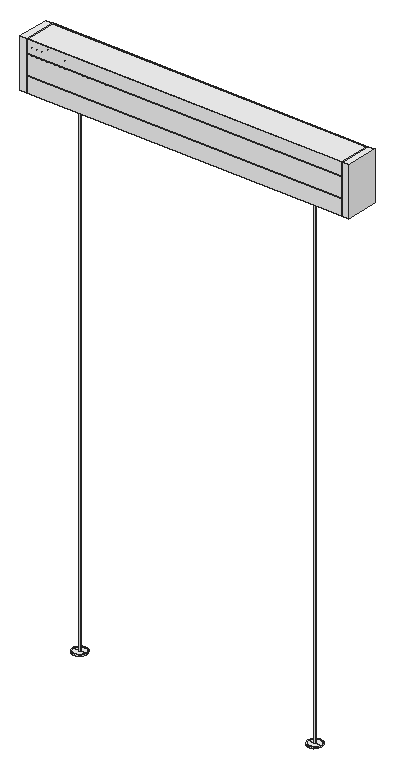
Revit family "2.3 inch  MAGIC WALL WASH LINEAR LIGHT", category Lighting Fixtures, host Face, Revit 2020 (continued)
Types (17): name | Wattage Comments | Wattage | Wall Mount | Suspenders Distance | Surface Mount | Recessed Mount | Photometric Web File | Pendent Mount | Order number | built-in parameter 1150142 | Model | built-in parameter 1150105 | Lumens | Light Source Height | Light Source Distance | built-in parameter 1150106 | Fixture Length
         2.81     2.53     2.28     2.04     1.82     1.62     1.62     1.64     1.65     \r\n 1.66     1.68     1.69     1.70     1.71     1.72     1.74     1.75     1.76     1.77     \r\n 1.79     1.81     1.82     1.84     1.85     1.85     1.87     1.88     1.90     1.92     \r\n 1.93     1.94     1.96     1.98     1.99     2.00     2.02     2.04     2.05     2.06     \r\n 2.08     2.10     2.11     2.13     2.14     2.16     2.17     2.19     2.20     2.21     \r\n 2.22     2.23     2.24     2.26     2.27     2.27     2.28     2.29     2.30     2.30     \r\n 2.27     2.18     2.12     2.08     2.05     2.02     1.99     1.97     1.95     1.94     \r\n 1.94     1.93     1.93     1.93     1.92     1.88     1.86     1.85     1.85     1.86     \r\n 1.88     1.90     1.91     1.92     1.93     1.94     1.95     1.98     2.00     2.02     \r\n 2.05     2.07     2.09     2.12     2.14     2.16     2.18     2.20     2.22     2.25     \r\n 2.28     2.31     2.33     2.36     2.39     2.43     2.46     2.50     2.54     2.57     \r\n 2.60     2.64     2.67     2.71     2.74     2.77     2.80     2.84     2.88     2.91     \r\n 2.95     2.99     3.03     3.06     3.10     3.14     3.18     3.22     3.26     3.31     \r\n 3.36     3.39     3.43     3.47     3.51     3.55     3.59     3.63     3.67     3.71     \r\n 3.75     3.79     3.83     3.89     3.94     3.97     4.00     4.06     4.12     4.19     \r\n 4.26     \r\n1793.11  1807.47  1821.83  1835.03  1848.23  1860.64  1873.04  1884.65  1896.26  1907.02  \r\n 1917.78  1928.57  1939.36  1949.75  1960.14  1969.59  1979.03  1987.61  1996.18  2004.62  \r\n 2013.06  2020.99  2028.92  2036.71  2044.50  2050.79  2057.07  2063.51  2069.94  2075.72  \r\n 2081.50  2086.14  2090.78  2095.85  2100.93  2105.81  2110.70  2114.85  2119.01  2122.91  \r\n 2126.81  2128.61  2130.42  2132.26  2134.11  2135.23  2136.34  2138.17  2140.00  2139.23  \r\n 2138.46  2137.72  2136.98  2134.58  2132.17  2131.05  2129.92  2127.21  2124.50  2118.34  \r\n 2112.19  2107.14  2102.09  2096.56  2091.03  2083.47  2075.91  2066.54  2057.17  2047.78  \r\n 2038.39  2027.35  2016.30  2005.37  1994.43  1981.90  1969.37  1955.18  1940.98  1925.90  \r\n 1910.83  1894.69  1878.54  1862.78  1847.02  1828.84  1810.66  1792.21  1773.75  1753.54  \r\n 1733.33  1713.69  1694.05  1671.77  1649.49  1627.06  1604.63  1582.06  1559.49  1535.71  \r\n 1511.93  1486.68  1461.42  1437.05  1412.68  1387.41  1362.14  1336.76  1311.39  1284.28  \r\n 1257.18  1231.39  1205.61  1179.21  1152.82  1126.14  1099.47  1073.44  1047.40  1021.24  \r\n 995.09   969.59   944.09   917.96   891.84   867.07   842.31   818.25   794.18   770.24   \r\n 746.30   723.21   700.12   677.89   655.67   633.28   610.89   590.37   569.84   549.30   \r\n 528.76   508.94   489.11   470.04   450.96   432.51   414.06   396.83   379.61   362.54   \r\n 345.47   329.43   313.39   297.62   281.86   266.10   250.35   236.13   221.92   208.39   \r\n 194.87   182.16   169.44   157.30   145.16   133.85   122.55   108.49   94.43    73.79    \r\n 53.15    43.22    33.28    28.15    23.02    18.40    13.78    9.64     5.49     3.71     \r\n 15.34    4.40     4.04     3.81     3.58     3.38     3.19     3.01     2.83     2.67     \r\n 2.51     2.35     2.19     2.05     1.90     1.77     1.64     1.52     1.40     1.29     \r\n 1.18     1.09     1.00     0.92     0.83     0.77     0.71     0.65     0.59     0.56     \r\n 0.52     0.51     0.49     0.49     0.50     0.51     0.52     0.53     0.53     0.54     \r\n 0.54     0.56     0.59     0.59     0.60     0.62     0.64     0.66     0.68     0.68     \r\n 0.69     0.71     0.72     0.73     0.73     0.75     0.77     0.80     0.82     0.83     \r\n 0.84     0.85     0.87     0.88     0.89     0.91     0.93     0.95     0.97     0.98     \r\n 0.98     1.01     1.03     1.04     1.05     1.08     1.10     1.11     1.12     1.14     \r\n 1.15     1.17     1.19     1.21     1.24     1.26     1.27     1.28     1.29     1.31     \r\n 1.33     1.35     1.37     1.39     1.42     1.43     1.45     1.47     1.49     1.51     \r\n 1.53     1.55     1.57     1.59     1.61     1.62     1.64     1.67     1.70     1.71     \r\n 1.73     1.75     1.78     1.81     1.84     1.86     1.88     1.90     1.93     1.96     \r\n 1.99     2.02     2.04     2.07     2.09     2.12     2.16     2.19     2.22     2.25     \r\n 2.28     2.31     2.33     2.36     2.39     2.43     2.47     2.49     2.52     2.56     \r\n 2.59     2.64     2.70     2.71     2.73     2.76     2.79     2.82     2.86     2.89     \r\n 2.93     2.97     3.01     3.04     3.07     3.11     3.14     3.18     3.22     3.26     \r\n 3.30     3.33     3.37     3.41     3.44     3.48     3.52     3.56     3.60     3.64     \r\n 3.67     3.71     3.75     3.79     3.82     3.86     3.90     3.93     3.97     4.00     \r\n 4.26     \r\n1793.11  1807.28  1821.43  1834.44  1847.44  1859.66  1871.86  1883.26  1894.63  1905.20  \r\n 1915.75  1926.29  1936.82  1946.94  1957.03  1966.26  1975.45  1983.87  1992.25  2000.39  \r\n 2008.50  2016.19  2023.84  2031.31  2038.75  2044.92  2050.95  2057.11  2063.27  2068.83  \r\n 2074.31  2078.86  2083.29  2087.93  2092.58  2096.98  2101.33  2105.30  2109.22  2112.70  \r\n 2116.09  2117.89  2119.40  2120.84  2122.25  2123.00  2123.60  2124.63  2125.73  2125.04  \r\n 2123.92  2122.75  2121.56  2118.93  2115.91  2113.74  2111.80  2108.60  2105.00  2099.26  \r\n 2092.84  2086.81  2080.88  2074.53  2068.02  2060.21  2051.90  2042.53  2032.73  2022.68  \r\n 2012.51  2001.26  1989.52  1977.73  1965.91  1952.90  1939.30  1924.76  1909.71  1893.98  \r\n 1877.85  1861.35  1844.65  1827.66  1810.48  1792.05  1772.81  1753.44  1733.98  1713.70  \r\n 1692.81  1671.91  1650.98  1628.99  1606.13  1583.06  1559.80  1536.41  1512.92  1488.94  \r\n 1464.47  1439.33  1413.46  1388.10  1363.38  1337.96  1311.62  1285.43  1259.46  1232.95  \r\n 1205.65  1178.78  1152.66  1126.34  1099.65  1073.01  1046.52  1020.17  994.14   968.02   \r\n 941.63   915.54   890.42   865.17   839.34   813.78   789.48   765.25   741.26   717.36   \r\n 694.28   671.26   648.28   625.32   603.76   582.25   560.78   539.37   519.06   498.88   \r\n 478.74   458.63   439.48   420.66   402.20   383.85   365.87   348.14   330.88   313.99   \r\n 297.48   281.46   265.74   250.50   235.51   221.18   206.98   193.18   179.59   166.85   \r\n 154.35   142.18   130.29   118.61   106.79   95.09    83.83    72.81    62.24    52.22    \r\n 42.64    34.43    26.71    19.43    12.83    9.43     7.45     6.01     5.40     5.05     \r\n 4.70     4.43     4.17     3.92     3.72     3.51     3.31     3.12     2.93     2.73     \r\n 2.53     2.35     2.18     2.02     1.88     1.74     1.62     1.50     1.39     1.28     \r\n 1.18     1.09     1.00     0.92     0.83     0.77     0.70     0.64     0.59     0.56     \r\n 0.54     0.53     0.53     0.54     0.55     0.56     0.57     0.58     0.59     0.60     \r\n 0.61     0.63     0.64     0.65     0.66     0.67     0.69     0.70     0.71     0.72     \r\n 0.74     0.75     0.76     0.77     0.78     0.80     0.82     0.84     0.85     0.86     \r\n 0.87     0.89     0.90     0.91     0.93     0.94     0.96     0.97     0.99     1.00     \r\n 1.02     1.04     1.05     1.07     1.08     1.10     1.12     1.13     1.14     1.16     \r\n 1.18     1.19     1.21     1.23     1.25     1.27     1.29     1.30     1.31     1.33     \r\n 1.35     1.37     1.39     1.41     1.43     1.44     1.46     1.48     1.50     1.52     \r\n 1.54     1.56     1.58     1.60     1.62     1.64     1.66     1.69     1.71     1.72     \r\n 1.74     1.77     1.79     1.82     1.85     1.87     1.89     1.91     1.94     1.97     \r\n 2.00     2.03     2.05     2.08     2.10     2.14     2.17     2.20     2.23     2.26     \r\n 2.29     2.32     2.34     2.37     2.40     2.44     2.48     2.50     2.53     2.56     \r\n 2.60     2.65     2.70     2.71     2.73     2.76     2.80     2.83     2.86     2.90     \r\n 2.94     2.97     3.01     3.04     3.08     3.11     3.15     3.18     3.22     3.26     \r\n 3.30     3.34     3.38     3.41     3.45     3.49     3.53     3.56     3.60     3.64     \r\n 3.67     3.71     3.75     3.79     3.82     3.86     3.90     3.93     3.97     4.00     \r\n 4.26     \r\n1793.11  1806.98  1820.81  1833.55  1846.25  1858.21  1870.12  1881.26  1892.31  1902.66  \r\n 1912.91  1923.13  1933.33  1943.15  1952.85  1961.89  1970.75  1979.04  1987.16  1995.00  \r\n 2002.73  2010.17  2017.48  2024.63  2031.67  2037.89  2043.63  2049.43  2055.28  2060.73  \r\n 2065.87  2070.50  2074.68  2078.88  2083.09  2087.11  2090.89  2094.60  2098.24  2101.59  \r\n 2104.45  2106.71  2107.90  2109.03  2110.01  2110.73  2110.82  2110.98  2111.37  2111.34  \r\n 2109.89  2108.40  2106.77  2104.87  2101.27  2097.73  2095.03  2092.20  2087.78  2083.27  \r\n 2076.65  2070.02  2063.32  2056.58  2049.22  2041.77  2032.99  2024.03  2014.08  2003.96  \r\n 1993.29  1982.45  1970.53  1958.23  1945.75  1933.18  1919.34  1904.84  1889.60  1873.91  \r\n 1857.50  1840.54  1823.51  1806.46  1788.83  1770.48  1751.44  1731.41  1711.32  1691.16  \r\n 1670.67  1649.41  1628.02  1606.16  1584.07  1561.00  1537.86  1514.16  1490.43  1466.43  \r\n 1442.40  1417.73  1393.01  1367.17  1341.16  1316.26  1291.66  1265.48  1238.60  1212.26  \r\n 1186.26  1159.76  1132.86  1106.42  1080.57  1053.52  1026.10  998.93   972.24   945.66   \r\n 919.48   893.42   867.11   840.97   816.16   791.67   766.81   741.93   717.96   694.68   \r\n 671.59   648.74   626.30   604.70   583.25   561.96   540.89   520.82   501.04   481.54   \r\n 462.29   443.49   425.27   407.27   389.78   372.53   355.77   338.56   321.07   304.05   \r\n 287.34   271.31   255.60   240.18   225.07   210.39   196.71   183.35   170.32   157.60   \r\n 145.18   132.99   121.07   109.47   98.46    87.84    77.47    67.43    57.78    48.89    \r\n 40.91    33.26    25.99    18.99    12.23    7.53     6.78     6.11     5.51     4.95     \r\n 4.41     4.18     3.94     3.70     3.46     3.22     3.02     2.84     2.66     2.48     \r\n 2.29     2.11     1.96     1.83     1.72     1.60     1.49     1.38     1.27     1.17     \r\n 1.07     1.00     0.92     0.86     0.79     0.73     0.68     0.64     0.61     0.58     \r\n 0.56     0.55     0.54     0.54     0.54     0.55     0.56     0.57     0.59     0.60     \r\n 0.61     0.63     0.64     0.66     0.67     0.68     0.70     0.71     0.72     0.74     \r\n 0.76     0.77     0.79     0.80     0.82     0.84     0.85     0.86     0.88     0.89     \r\n 0.91     0.93     0.94     0.96     0.97     0.98     1.00     1.02     1.03     1.05     \r\n 1.07     1.08     1.10     1.11     1.13     1.14     1.16     1.17     1.19     1.20     \r\n 1.22     1.24     1.25     1.27     1.29     1.30     1.31     1.33     1.35     1.36     \r\n 1.38     1.40     1.42     1.44     1.46     1.47     1.49     1.51     1.53     1.55     \r\n 1.57     1.59     1.61     1.63     1.65     1.67     1.69     1.71     1.73     1.75     \r\n 1.77     1.79     1.82     1.85     1.87     1.89     1.92     1.94     1.97     2.00     \r\n 2.03     2.05     2.08     2.10     2.13     2.16     2.19     2.22     2.25     2.28     \r\n 2.31     2.33     2.36     2.39     2.43     2.46     2.49     2.52     2.55     2.58     \r\n 2.62     2.67     2.70     2.72     2.75     2.78     2.81     2.84     2.88     2.91     \r\n 2.95     2.99     3.02     3.05     3.09     3.12     3.16     3.20     3.23     3.27     \r\n 3.31     3.35     3.38     3.42     3.45     3.49     3.53     3.57     3.60     3.64     \r\n 3.68     3.72     3.76     3.79     3.83     3.86     3.90     3.93     3.97     4.00     \r\n 4.26     \r\n1793.11  1806.57  1819.99  1832.37  1844.67  1856.31  1867.83  1878.68  1889.32  1899.42  \r\n 1909.29  1919.13  1928.92  1938.42  1947.68  1956.52  1964.98  1973.14  1980.93  1988.55  \r\n 1995.83  2002.99  2009.92  2016.76  2023.36  2029.76  2035.16  2040.55  2046.04  2051.53  \r\n 2056.29  2061.03  2065.00  2068.90  2072.67  2076.38  2079.70  2082.86  2086.14  2089.49  \r\n 2092.21  2094.51  2096.04  2096.92  2097.64  2098.17  2098.35  2097.92  2097.51  2097.17  \r\n 2096.51  2094.73  2092.92  2090.87  2088.76  2084.62  2080.43  2076.94  2073.43  2068.50  \r\n 2063.24  2056.84  2050.08  2042.89  2035.43  2027.53  2019.26  2010.41  2000.91  1991.10  \r\n 1980.77  1970.19  1958.83  1947.26  1934.57  1921.84  1908.70  1895.51  1880.48  1865.24  \r\n 1849.28  1833.12  1816.00  1798.41  1781.04  1763.86  1745.80  1726.54  1706.85  1686.33  \r\n 1665.77  1645.20  1624.53  1601.06  1577.61  1553.24  1528.75  1503.92  1478.98  1453.62  \r\n 1427.95  1402.25  1376.51  1350.73  1324.71  1298.69  1271.61  1244.59  1218.66  1192.91  \r\n 1166.09  1138.82  1112.18  1086.28  1060.29  1033.65  1007.15  981.54   956.05   930.77   \r\n 905.69   880.65   855.60   830.84   806.93   783.20   759.93   736.94   714.47   692.38   \r\n 670.44   648.53   626.31   603.58   581.25   559.31   537.79   516.53   496.03   475.83   \r\n 456.04   436.68   417.63   399.15   380.98   363.17   345.81   328.76   312.24   296.19   \r\n 280.47   265.03   249.98   235.24   221.03   207.18   193.61   180.42   167.59   155.06   \r\n 142.87   131.09   119.54   108.23   97.99    87.99    78.19    68.58    59.16    49.92    \r\n 40.85    31.93    23.15    20.15    17.65    15.24    12.92    10.66    8.45     6.27     \r\n 4.11     3.90     3.70     3.49     3.28     3.07     2.86     2.65     2.44     2.31     \r\n 2.17     2.04     1.91     1.78     1.65     1.52     1.39     1.26     1.17     1.09     \r\n 1.02     0.94     0.87     0.81     0.75     0.70     0.65     0.61     0.58     0.55     \r\n 0.55     0.56     0.57     0.58     0.58     0.59     0.60     0.61     0.62     0.63     \r\n 0.64     0.65     0.66     0.67     0.69     0.71     0.72     0.73     0.73     0.75     \r\n 0.76     0.78     0.80     0.81     0.83     0.84     0.85     0.87     0.88     0.90     \r\n 0.92     0.93     0.94     0.96     0.97     0.99     1.01     1.03     1.04     1.06     \r\n 1.08     1.10     1.11     1.13     1.14     1.16     1.18     1.20     1.21     1.23     \r\n 1.25     1.27     1.29     1.30     1.32     1.34     1.36     1.38     1.40     1.41     \r\n 1.43     1.45     1.46     1.48     1.50     1.52     1.54     1.56     1.58     1.60     \r\n 1.61     1.63     1.65     1.67     1.69     1.71     1.73     1.75     1.77     1.79     \r\n 1.81     1.84     1.86     1.88     1.91     1.93     1.96     1.98     2.01     2.04     \r\n 2.06     2.09     2.11     2.14     2.17     2.20     2.23     2.26     2.28     2.31     \r\n 2.34     2.37     2.40     2.43     2.46     2.49     2.52     2.55     2.58     2.62     \r\n 2.66     2.69     2.72     2.74     2.77     2.80     2.84     2.87     2.90     2.94     \r\n 2.97     3.01     3.04     3.07     3.10     3.14     3.17     3.21     3.25     3.29     \r\n 3.32     3.36     3.40     3.43     3.47     3.50     3.54     3.58     3.61     3.65     \r\n 3.69     3.72     3.76     3.80     3.83     3.87     3.90     3.94     3.97     4.00     \r\n 4.26     \r\n1793.11  1806.07  1818.96  1830.91  1842.72  1853.97  1865.02  1875.55  1885.71  1895.50  \r\n 1904.93  1914.32  1923.64  1932.82  1941.57  1950.20  1958.21  1966.19  1973.61  1981.01  \r\n 1987.91  1994.67  2001.23  2007.70  2013.95  2020.03  2025.62  2030.63  2035.65  2040.73  \r\n 2045.68  2050.01  2054.30  2057.89  2061.47  2064.74  2067.93  2070.67  2073.20  2076.01  \r\n 2079.02  2081.46  2083.18  2084.51  2085.05  2085.51  2085.60  2085.63  2084.71  2083.75  \r\n 2082.72  2081.62  2079.81  2077.72  2075.43  2072.96  2069.65  2064.98  2060.40  2056.22  \r\n 2051.88  2045.94  2039.91  2033.16  2026.33  2018.63  2010.51  2001.93  1992.92  1983.56  \r\n 1973.62  1963.57  1953.14  1942.71  1931.02  1919.23  1906.56  1891.19  1875.02  1858.53  \r\n 1841.33  1822.95  1804.47  1785.30  1766.06  1745.76  1725.37  1705.22  1685.13  1664.20  \r\n 1642.24  1620.10  1597.20  1574.30  1551.51  1528.73  1505.62  1482.37  1458.72  1434.42  \r\n 1410.12  1385.63  1361.17  1336.12  1310.92  1285.89  1261.06  1236.29  1211.43  1186.68  \r\n 1161.13  1135.43  1110.12  1085.26  1060.44  1035.07  1009.86  985.54   961.89   937.50   \r\n 910.48   883.73   857.62   831.95   806.63   7
